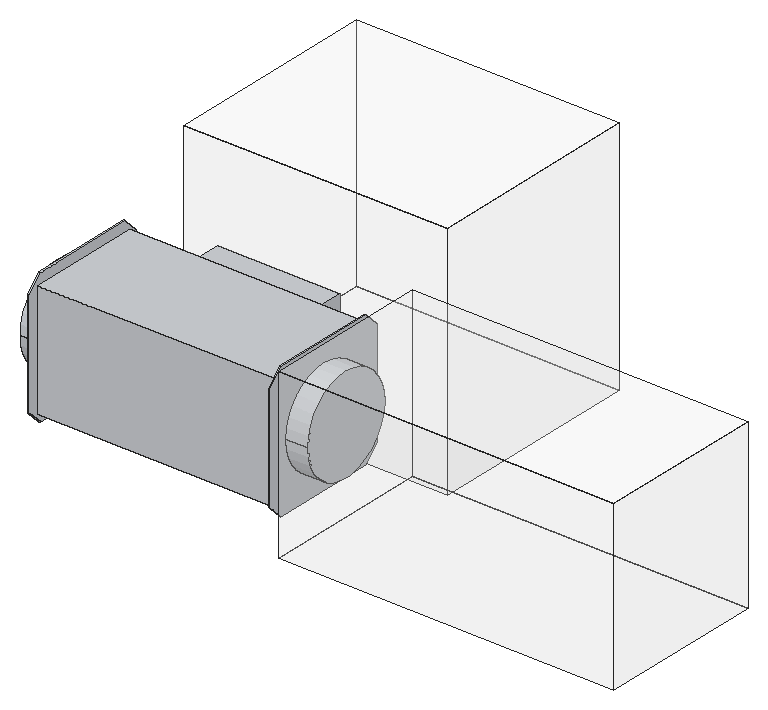
Revit family "140_VAV_変風量ユニット_丸ダクト用", category ダクト付属品, Revit 2021
Family settings
  丸型コネクタ寸法 = 直径を使用
  パーツ タイプ = 割り込み
  OmniClass 番号 = 23.75.70.11.14.14
  OmniClass タイトル = Dampers for Air Ductwork
  作業面ベース = いいえ
  常に垂直 = はい
  ロード時にボイドで切り取り = いいえ
  共有 = いいえ
Parameters (values of type "変風量ユニット_丸ダクト用")
  風量 [instance] = 0.0 m³/h
  風速 = 0.0 m/s
  質量 = 7.00 kg
  製品出荷対象 = ""
  製品リリース年月 = ""
  法定耐用年数 = "15"
  圧力損失 [instance] = 0.0 Pa
  メンテナンススペース [instance] = yes
  メンテ_W [instance] = 700 mm
  メンテ_H [instance] = 350 mm
  メンテ_D [instance] = 350 mm
  VAV長さ [instance] = 550 mm
  既定の高さ = 0 mm
  2D記号 = 記号_変風量ユニット : 1/100
  製品グループ = ""
  耐圧 [instance] = ""
  符号 = "VAV"
  積算_科目 = ""
  積算_拾い区分 [instance] = ""
  built-in parameter 1114242 [instance] = 1
  材質 = ""
  方向2 [instance] = not(方向1)  # no
  方向1 [instance] = yes
  文字 [instance] = ""
  呼称 = "変風量ユニット"
  分類コード = "50059004100020"
  分類グループ = ""
  企業コード = ""
  仕様書バージョン = "Version1.0"
  仕様7 [instance] = ""
  仕様6 [instance] = ""
  仕様5 [instance] = ""
  仕様4 [instance] = ""
  仕様3 [instance] = ""
  仕様2 [instance] = ""
  仕様 [instance] = ""
  ダクト径 [instance] = 200 mm
  本体マテリアル = none
  コメント [instance] = ""
  Width [instance] = 280 mm
  Version = ""
  Uniclass2015Version = "Systems v1.9"
  Uniclass2015Title = "Variable air volume boxes"
  Uniclass2015Code = "Pr_65_65_24_93"
  SpecificationReference = ""
  SpecificationDescription = ""
  Revision = ""
  ProductInformation = ""
  OmniClassCode = "23-33 41 17 13"
  IfcTypeProduct = ""
  IfcProduct = ""
  IfcExportType = "VARIABLEFLOWPRESSUREDEPENDANT"
  IfcExportAs = "IfcAirTerminalBoxType"
  Height [instance] = 280 mm
  Depth = 600 mm
  Author = "Revit User Group Japan"
  2D [instance] = yes
Reference planes
  plane 1 "中心(正面/背面)": y = 0
  plane 2: z = 0
  plane 3 "中心(左/右)": x = 0
  plane 4: y = 140
  plane 5: x = 300
  plane 6: z = 140
  plane 7: z = -140
  plane 8: x = 0
  plane 9: y = -140
  plane 10: x = -300
  plane 11: x = -250
  plane 12: x = 250
  plane 13: y = 120
  plane 14: y = -120
  plane 15: z = 120
  plane 16: z = -120
  plane 17: y = -110
  plane 18: y = 110
  plane 19: z = 110
  plane 20: z = -110
  plane 21: y = -140
Forms (mm)
  Extrusion 1, solid, material <- "本体マテリアル", detail levels medium+fine
    sketch origin (-158.75, 0, 0) x (1, 0, 0) y (0, 1, 0)
      loop
        line (-91.25, 120) -> (-91.25, -120) -> (408.75, -120) -> (408.75, 120) -> (-91.25, 120)
    from -120 to 120
  Extrusion 2, solid, material <- "本体マテリアル", detail levels fine
    sketch origin (0, 0, 0) x (0, 1, 0) y (0, 0, 1)
      loop
        circle (0, 0) r 100
    from -300 to -250
  Extrusion 3, solid, material <- "本体マテリアル", detail levels fine
    sketch origin (0, 0, 0) x (0, 1, 0) y (0, 0, 1)
      loop
        circle (0, 0) r 100
    from 250 to 300
  Extrusion 4, solid, material <- "本体マテリアル", detail levels fine
    sketch origin (0, 0, 0) x (0, 1, 0) y (0, 0, 1)
      loop
        line (110, -140) -> (140, -110) -> (140, 110) -> (110, 140) -> (-110, 140) -> (-140, 110) -> (-140, -110) -> (-110, -140) -> (110, -140)
    from -250 to -252.5
  Extrusion 5, solid, material <- "本体マテリアル", detail levels fine
    sketch origin (0, 0, 0) x (0, 1, 0) y (0, 0, 1)
      loop
        line (110, -140) -> (140, -110) -> (140, 110) -> (110, 140) -> (-110, 140) -> (-140, 110) -> (-140, -110) -> (-110, -140) -> (110, -140)
    from 250 to 252.5
  Extrusion 6, solid
    sketch origin (-11.5, -10, 0) x (1, 0, 0) y (0, 1, 0)
      loop
        line (-168.5, 275) -> (-168.5, 130) -> (86.5, 130) -> (86.5, 275) -> (-168.5, 275)
    from -50 to 50
Lines and regions (mm)
  symbolic lines, visible <- "方向1", detail levels medium+fine
    curve 1: line (-250, 120, 0) -> (250, 0, 0)
    curve 2: line (250, 0, 0) -> (-250, -120, 0)
  symbolic lines, visible <- "方向2", detail levels fine
    curve 3: line (250, 120, 0) -> (-250, 0, 0)
    curve 4: line (-250, 0, 0) -> (250, -120, 0)
  model lines, style "メンテナンススペース", visible <- "メンテナンススペース"
    curve 5: line (-250, 715, 0) -> (300, 265, 0)
    curve 6: line (300, 715, 0) -> (-250, 265, 0)
Dimensions and locks
  equal spacing: plane 6, plane 2, plane 7
  equal spacing: plane 4, plane 1 "中心(正面/背面)", plane 9
  "Width": plane 4 to plane 9
  "Width": plane 7 to plane 6
  equal spacing: plane 10, plane 3 "中心(左/右)", plane 5
  "Depth": plane 10 to plane 5
  locked: plane 12 to plane 5 at 50
  locked: plane 10 to plane 11 at 50
  locked: plane 4 to plane 13 at 20
  locked: plane 9 to plane 14 at 20
  locked: plane 15 to plane 6 at 20
  locked: plane 7 to plane 16 at 20
  locked: plane 4 to plane 18 at 30
  locked: plane 17 to plane 9 at 30
  locked: plane 19 to plane 6 at 30
  locked: plane 7 to plane 20 at 30
  locked: plane 12 to Extrusion 5 at 2.5
  locked: Extrusion 4 to plane 11 at 2.5
  "Height": plane 4 to plane 21
  locked: Extrusion 6 to Extrusion 6 at 255
  "ダクト径": diameter of Extrusion 3 sketch curve
  "ダクト径": diameter of Extrusion 2 sketch curve
  aligned and locked: plane 3 "中心(左/右)" to plane 8
  aligned and locked: Extrusion 2 to plane 10
  aligned and locked: plane 11 to Extrusion 2
  aligned and locked: Extrusion 3 to plane 12
  aligned and locked: Extrusion 1 to plane 15
  aligned and locked: plane 16 to Extrusion 1
  aligned and locked: Extrusion 5 to plane 12
  aligned and locked: Extrusion 4 to plane 11
  aligned and locked: plane 5 to Extrusion 3
  aligned and locked: plane 1 "中心(正面/背面)" to nested 1
  aligned and locked: nested 2 to plane 1 "中心(正面/背面)"
  aligned and locked: nested 2 to plane 8
  aligned and locked: plane 8 to nested 1
Automatic sketch dimensions
  Extrusion 1 sketch curve to plane 11 = 0 mm
  Extrusion 1 sketch curve to plane 12 = 0 mm
  Extrusion 1 sketch curve to plane 14 = 0 mm
  Extrusion 1 sketch curve to plane 13 = 0 mm
  Extrusion 4 sketch curve to plane 9 = 0 mm
  plane 7 to Extrusion 4 sketch curve = 0 mm
  Extrusion 4 sketch curve to plane 17 = 0 mm  (x2)
  plane 6 to Extrusion 4 sketch curve = 0 mm
  Extrusion 4 sketch curve to plane 18 = 0 mm  (x2)
  Extrusion 4 sketch curve to plane 4 = 0 mm
  plane 20 to Extrusion 4 sketch curve = 0 mm  (x2)
  plane 19 to Extrusion 4 sketch curve = 0 mm  (x2)
  Extrusion 5 sketch curve to plane 9 = 0 mm
  plane 7 to Extrusion 5 sketch curve = 0 mm
  Extrusion 5 sketch curve to plane 17 = 0 mm  (x2)
  plane 6 to Extrusion 5 sketch curve = 0 mm
  Extrusion 5 sketch curve to plane 18 = 0 mm  (x2)
  Extrusion 5 sketch curve to plane 4 = 0 mm
  plane 20 to Extrusion 5 sketch curve = 0 mm  (x2)
  plane 19 to Extrusion 5 sketch curve = 0 mm  (x2)
  plane 1 "中心(正面/背面)" to curve 3 = 0 mm
  curve 3 to plane 11 = 0 mm
  curve 2 to plane 11 = 0 mm
  curve 1 to plane 11 = 0 mm
  curve 3 to plane 12 = 0 mm
  plane 1 "中心(正面/背面)" to curve 2 = 0 mm
  curve 2 to plane 12 = 0 mm
  curve 4 to plane 12 = 0 mm
  curve 2 to plane 14 = 0 mm
  plane 14 to curve 4 = 0 mm
  plane 13 to curve 3 = 0 mm
  curve 1 to plane 13 = 0 mm
  Extrusion 2 sketch curve to level = 0 mm
  Extrusion 2 sketch curve to plane 1 "中心(正面/背面)" = 0 mm
  Extrusion 3 sketch curve to level = 0 mm
  Extrusion 3 sketch curve to plane 1 "中心(正面/背面)" = 0 mm
  Extrusion 6 sketch curve to plane 5 = 480 mm
  Extrusion 6 sketch curve to Extrusion 6 sketch curve = 255 mm
  Extrusion 6 sketch curve to plane 4 = 20 mm
  Extrusion 6 sketch curve to Extrusion 6 sketch curve = 145 mm
  curve 6 to plane 5 = 550 mm
  curve 5 to plane 5 = 550 mm
  curve 5 to curve 6 = 550 mm
  plane 4 to curve 5 = 125 mm
  curve 5 to curve 6 = 0 mm
  plane 4 to curve 6 = 125 mm
  curve 5 to curve 6 = 450 mm
  curve 6 to curve 5 = 450 mm
Nested families
  nested 1: "記号_変風量ユニット" at (0, 0, 0), type "1/100", detail levels coarse
  nested 2: "記号_変風量ユニット" at (0, 0, 0) x (-1, 0, 0) z (0, 0, 1), type "1/100", not visible, detail levels coarse
  nested 3: "2D" at (650, 0, 0), visible <- "2D", type "サービススペース"
    with Width 700 mm, Height 350 mm, Depth 350 mm
  nested 4: "メンテナンススペース" at (25, 490, 0), visible <- "メンテナンススペース", type "サービススペース"
    with Width 550 mm, Depth 450 mm
Connectors
  hvac at (300, 0, 0), driven by "ダクト径", driven by "圧力損失", driven by "風量"
    settings: on Extrusion 3, index 3, duct flow 0.0 m³/h, flow factor 0, pres drop 0.0 Pa, loss coef 0, conn angle 0.00°, conn width 304.8 mm, conn height 304.8 mm, conn diameter 200 mm, duct sys type 1, conn prof type 0, flow config 1, flow direction 1, loss method 4, conn ref index 4, conn util no, is conn primary no, conn desc ""
  hvac at (-300, 0, 0), driven by "ダクト径", driven by "圧力損失", driven by "風量"
    settings: on Extrusion 2, index 4, duct flow 0.0 m³/h, flow factor 0, pres drop 0.0 Pa, loss coef 0, conn angle 0.00°, conn width 304.8 mm, conn height 304.8 mm, conn diameter 200 mm, duct sys type 1, conn prof type 0, flow config 1, flow direction 2, loss method 4, conn ref index 3, conn util no, is conn primary yes, conn desc ""
Definition of nested family "2D"
  Parameters (values of type "サービススペース")
    Default Elevation = 0 mm
    Width = 500 mm
    Height = 500 mm
    Depth = 500 mm
  Reference planes
    plane 1 "中心(正面/背面)": y = 0
    plane 2: z = 0
    plane 3 "中心(左/右)": x = 0
    plane 4: y = -250
    plane 5: x = 250
    plane 6: y = 250
    plane 7: x = -250
    plane 8: z = 250
    plane 9: z = -250
  Forms (mm)
    Extrusion 1, solid
      sketch origin (-638.939, 0, 72.39) x (1, 0, 0) y (0, 1, 0)
        loop
          line (388.939, 250) -> (388.939, -250) -> (888.939, -250) -> (888.939, 250) -> (388.939, 250)
      from -322.39 to 177.61
  Lines and regions (mm)
    symbolic lines
      curve 1: line (-250, 0, 250) -> (250, 0, 250)
      curve 2: line (-250, 0, -250) -> (-250, 0, 250)
      curve 3: line (250, 0, -250) -> (-250, 0, -250)
      curve 4: line (250, 0, 250) -> (250, 0, -250)
      curve 5: line (0, -250, 250) -> (0, 250, 250)
      curve 6: line (0, -250, -250) -> (0, -250, 250)
      curve 7: line (0, 250, -250) -> (0, -250, -250)
      curve 8: line (0, 250, 250) -> (0, 250, -250)
      curve 9: line (-250, 250, 0) -> (250, 250, 0)
      curve 10: line (-250, -250, 0) -> (-250, 250, 0)
      curve 11: line (250, -250, 0) -> (-250, -250, 0)
      curve 12: line (250, 250, 0) -> (250, -250, 0)
  Dimensions and locks
    equal spacing: plane 7, plane 3 "中心(左/右)", plane 5
    equal spacing: plane 4, plane 1 "中心(正面/背面)", plane 6
    "Depth": plane 4 to plane 6
    "Width": plane 7 to plane 5
    equal spacing: plane 8, plane 2, plane 9
    "Height": plane 8 to plane 9
    aligned and locked: plane 9 to curve 3
    aligned and locked: plane 7 to curve 2
    aligned and locked: curve 4 to plane 5
    aligned and locked: plane 5 to Extrusion 1
    aligned and locked: Extrusion 1 to plane 7
    aligned and locked: Extrusion 1 to plane 9
    aligned and locked: plane 8 to Extrusion 1
    aligned and locked: plane 9 to curve 7
  Automatic sketch dimensions
    plane 4 to Extrusion 1 sketch curve = 0 mm
    Extrusion 1 sketch curve to plane 7 = 0 mm
    Extrusion 1 sketch curve to plane 5 = 0 mm
    plane 6 to Extrusion 1 sketch curve = 0 mm
    curve 2 to plane 8 = 0 mm
    plane 4 to curve 11 = 0 mm
    curve 11 to plane 7 = 0 mm
    curve 11 to plane 5 = 0 mm
    plane 6 to curve 10 = 0 mm
    curve 7 to plane 4 = 0 mm
    curve 7 to plane 6 = 0 mm
    curve 6 to plane 8 = 0 mm
Definition of nested family "メンテナンススペース"
  Parameters (values of type "サービススペース")
    Default Elevation = 0 mm
    Width = 500 mm
    Height = 500 mm
    Depth = 500 mm
  Reference planes
    plane 1 "中心(正面/背面)": y = 0
    plane 2: z = 0
    plane 3 "中心(左/右)": x = 0
    plane 4: y = -250
    plane 5: x = 250
    plane 6: y = 250
    plane 7: x = -250
    plane 8: z = 250
    plane 9: z = -250
  Forms (mm)
    Extrusion 1, solid
      sketch origin (-638.939, 0, 72.39) x (1, 0, 0) y (0, 1, 0)
        loop
          line (388.939, 250) -> (388.939, -250) -> (888.939, -250) -> (888.939, 250) -> (388.939, 250)
      from -322.39 to 177.61
  Lines and regions (mm)
    symbolic lines
      curve 1: line (-250, 0, 250) -> (250, 0, 250)
      curve 2: line (-250, 0, -250) -> (-250, 0, 250)
      curve 3: line (250, 0, -250) -> (-250, 0, -250)
      curve 4: line (250, 0, 250) -> (250, 0, -250)
      curve 5: line (0, -250, 250) -> (0, 250, 250)
      curve 6: line (0, -250, -250) -> (0, -250, 250)
      curve 7: line (0, 250, -250) -> (0, -250, -250)
      curve 8: line (0, 250, 250) -> (0, 250, -250)
      curve 9: line (-250, 250, 0) -> (250, 250, 0)
      curve 10: line (-250, -250, 0) -> (-250, 250, 0)
      curve 11: line (250, -250, 0) -> (-250, -250, 0)
      curve 12: line (250, 250, 0) -> (250, -250, 0)
  Dimensions and locks
    equal spacing: plane 7, plane 3 "中心(左/右)", plane 5
    equal spacing: plane 4, plane 1 "中心(正面/背面)", plane 6
    "Depth": plane 4 to plane 6
    "Width": plane 7 to plane 5
    equal spacing: plane 8, plane 2, plane 9
    "Height": plane 8 to plane 9
    aligned and locked: plane 9 to curve 3
    aligned and locked: plane 7 to curve 2
    aligned and locked: curve 4 to plane 5
    aligned and locked: plane 5 to Extrusion 1
    aligned and locked: Extrusion 1 to plane 7
    aligned and locked: Extrusion 1 to plane 9
    aligned and locked: plane 8 to Extrusion 1
    aligned and locked: plane 9 to curve 7
  Automatic sketch dimensions
    plane 4 to Extrusion 1 sketch curve = 0 mm
    Extrusion 1 sketch curve to plane 7 = 0 mm
    Extrusion 1 sketch curve to plane 5 = 0 mm
    plane 6 to Extrusion 1 sketch curve = 0 mm
    curve 2 to plane 8 = 0 mm
    plane 4 to curve 11 = 0 mm
    curve 11 to plane 7 = 0 mm
    curve 11 to plane 5 = 0 mm
    plane 6 to curve 10 = 0 mm
    curve 7 to plane 4 = 0 mm
    curve 7 to plane 6 = 0 mm
    curve 6 to plane 8 = 0 mm
Definition of nested family "記号_変風量ユニット"
  Parameters
    倍率 = 1
    W = 5 mm * 倍率  # 5 mm
    D = 3 mm * 倍率  # 3 mm
  Reference planes
    plane 1: y = 0
    plane 2: x = 0
  Lines and regions (mm)
    Filled region 1, type "塗り潰し領域"
      outline origin (0, 0, 0) x (1, 0, 0) y (0, 1, 0)
        loop
          line (-2.5, -1.5) -> (2.5, 0) -> (-2.5, 1.5) -> (-2.5, -1.5)
    detail lines
      curve 1: line (-2.5, 1.5, 0) -> (2.5, 1.5, 0)
      curve 2: line (-2.5, -1.5, 0) -> (-2.5, 1.5, 0)
      curve 3: line (2.5, -1.5, 0) -> (-2.5, -1.5, 0)
      curve 4: line (2.5, 1.5, 0) -> (2.5, -1.5, 0)
      curve 5: line (-2.5, 1.5, 0) -> (2.5, 0, 0)
      curve 6: line (-2.5, -1.5, 0) -> (2.5, 0, 0)
    reference lines
      curve 7: line (-2.5, -4.77, 0) -> (-2.5, 4.892, 0)
      curve 8: line (2.5, 4.892, 0) -> (2.5, -4.77, 0)
      curve 9: line (-4.482, 1.5, 0) -> (4.48, 1.5, 0)
      curve 10: line (4.48, -1.5, 0) -> (-4.482, -1.5, 0)
  Dimensions and locks
    equal spacing: curve 10, plane 1, curve 9
    "D": curve 9 to curve 10
    equal spacing: curve 7, plane 2, curve 8
    "W": curve 7 to curve 8
    aligned and locked: curve 9 to curve 1
    aligned and locked: curve 10 to curve 3
    aligned and locked: curve 7 to curve 2
    aligned and locked: curve 8 to curve 4
    aligned and locked: curve 2 to Filled region 1 sketch curve
    aligned and locked: Filled region 1 sketch curve to curve 5
    aligned and locked: Filled region 1 sketch curve to curve 6
  Automatic sketch dimensions
    plane 1 to curve 5 = 0 mm
    curve 9 to curve 7 = 1.982 mm
    curve 10 to curve 9 = 0 mm
    curve 8 to curve 10 = 1.98 mm
    curve 9 to curve 10 = 0 mm
    curve 7 to curve 10 = 3.27 mm
    curve 8 to curve 10 = 3.27 mm
    curve 9 to curve 8 = 3.392 mm
    curve 9 to curve 7 = 3.392 mm
